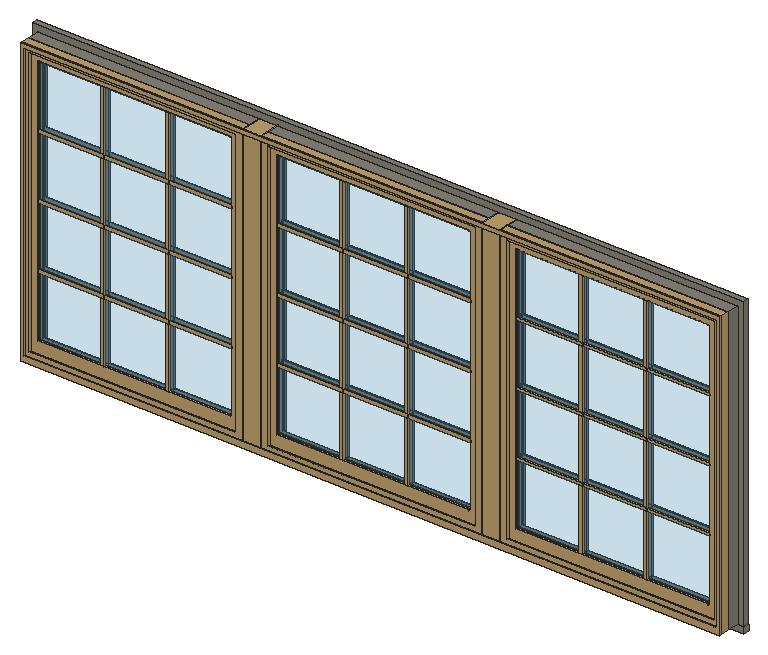
Revit family
Parameters (values of type "CUDHP-NG4862")
  Window Type = "Clad Ultimate Double Hung Picture Unit-NG"
  Void Offset_S = if(Subsill A217 Visibility, 0' 1 11/32", if(Subsill A246 Visibility, 0' 0 9/16", 0' 0"))  # 0' - 1 11/32"
  Void Offset = if(Flat Casing Visibility, 0' 3", if(BMC Visibility, 0' 1 5/16", 0' 0"))  # 0' - 1 5/16"
  Lites Wide = 3
  Lites High = 4
  Interior Material = Wood-Marvin-Pine
  Frame = "Aluminum Clad"
  Egress Window = "Yes"
  Disclaimer line1 [instance] = "Verify assembly availability"  # constant formula
  Disclaimer line2 [instance] = "with a Marvin representative"  # constant formula
  Unit Width = Nominal Unit Width + 0' 1 1/4"  # 4' - 1 1/4"
  URL = "www.marvin.com"
  Subsill Height = if(Subsill A217 Visibility, 0' 1 11/32", 0' 0 9/16")  # 0' - 1 11/32"
  Subsill A246 Visibility = and(Subsill Visibility, Subsill A246)  # no
  Subsill A217 Visibility = and(Subsill Visibility, Subsill A217)  # yes
  Space = if(Mull Space > 0' 0 1/32", Mull Space, 0' 0 1/32")  # 0' - 4"
  Prairie Corner Width = 0' - 4"
  Prairie Corner Height = 0' - 4"
  Nominal Unit Width = 4' - 0"
  Nominal Height = 5' - 2"
  Muntins Interior Finish = Wood-Marvin-Pine
  Muntins Exterior Finish = Aluminum-Marvin-Bronze
  Mulled Units Array = if(Mulled Units < 2, 2, Mulled Units)  # 3
  Mulled Units = 3
  Mull Space Units = if(Mulled Units < 3, 2, (Mulled Units - 1))  # 2
  Mull Space Single Visibility = and(Mulled Units Array = 2, Mull Space > 0' 0 1/32")  # no
  Mull Space Array Visibility = and(Mulled Units Array > 2, Mull Space > 0' 0 1/32")  # yes
  Mull Space = 0' - 4"
  Model = "CUDHP-NG4862"
  Manufacturer = "Marvin Windows and Doors"
  Lite Cut Prairie 9 = no
  Lite Cut HV Grid = not(Lite Cut Prairie 9)  # yes
  Label Visibility = no
  Glazing Material = Glass-Marvin-IG Low E II with Argon
  Glass Type = "IG Low E II with Argon"
  Flat Casing Visibility = and(Casing Visibility, Flat Casing)  # no
  Family created by = "www.rbuiltcomponents.com"
  Rough Width = Width + 0' 1"  # 13' - 0 3/4"
  Rough Height = Height + 0' 0 1/2"  # 5' - 4"
  Muntins Interior Visibility = yes
  Muntins Exterior Visibility = yes
  Jamb Extension Visibility = yes
  Inset to Installation Flange [instance] = 0' - 1"
  Height = Nominal Height + 0' 1 1/2"  # 5' - 3 1/2"
  Design Pressure = "DP50"
  Description = "4862 FIXED"
  Default Head Height = 8' - 0"
  Wall Closure = (empty or 0)
  Width = (Mulled Units Array * Unit Width) + ((Mulled Units Array - 1) * Mull Space)  # 12' - 11 3/4"
  Daylight Area = DLO Width * DLO Height * Mulled Units * 2  # 98.6924 SF
  DLO Width = Unit Width - 0' 6 1/2"  # 3' - 6 3/4"
  DLO Height = Height - 0' 8 3/32"  # 4' - 7 13/32"
  Cladding Material = Aluminum-Marvin-Bronze
  Center Mull Last = if(Mulled Units Array < 3, Unit Width + Mull Space, (Unit Width + Mull Space) * (Mulled Units Array - 2))  # 4' - 5 1/4"
  Center Mull First = Center + (Mull Space / 2)  # 2' - 2 5/8"
  Center = Unit Width / 2  # 2' - 0 5/8"
  BMC Visibility = and(Casing Visibility, BMC)  # yes
  Assembly Code = ""
  Casing Visibility = yes
  BMC = yes
  Flat Casing = not(BMC)  # no
  Subsill Visibility = yes
  Subsill A246 = no
  Subsill A217 = not(Subsill A246)  # yes
Reference planes (in)
  plane 1 "Center (Front/Back)": y = 0
  plane 2: z = 0
  plane 3 "Center (Left/Right)": x = -2.0625
  plane 4 "Sill": z = 32.5
  plane 5 "Top": z = 96
  plane 6: x = -55.3125
  plane 7: x = 51.1875
  plane 8 "Left": x = -79.9375
  plane 9 "Right": x = 75.8125
  plane 10 "Inset": y = 2
  plane 11 "Jamb Ext face": y = -2.5625
  plane 12: x = -28.6875
  plane 13: x = 24.5625
  plane 14: z = 92.78125
  plane 15: z = 37.34375
  plane 16: z = 65.0625
  plane 17 "Glazing 2": y = -0.625
  plane 18: y = -2.59375
  plane 19: x = 77.125
  plane 20: x = -81.25
  plane 21: z = 97.3125
  plane 22: z = 31.15625
  plane 23: y = -1.59375
Forms (in)
  Extrusion 1, solid, material "Wood-Marvin-Pine" <- "Interior Material", visible <- "Jamb Extension Visibility", detail levels medium+fine
    sketch origin (0, -2.5625, 0) x (1, 0, 0) y (0, 0, 1)
      loop
        line (-79.9375, 96) -> (-79.9375, 32.5) -> (75.8125, 32.5) -> (75.8125, 96) -> (-79.9375, 96)
      loop
        line (-79.25, 95.3125) -> (-79.25, 33.8125) -> (75.125, 33.8125) -> (75.125, 95.3125) -> (-79.25, 95.3125)
    from 0.03125 to 0.4375
  Extrusion 2, void
    sketch origin (0, 0, 0) x (1, 0, 0) y (0, 1, 0)
      loop
        line (-79.9375, 2) -> (-79.9375, -3) -> (75.8125, -3) -> (75.8125, 2) -> (-79.9375, 2)
    from 32.5 to 96
  Extrusion 3, void
    sketch origin (0, 0, 0) x (1, 0, 0) y (0, 1, 0)
      loop
        line (-81.25, 3.125) -> (-81.25, 2) -> (77.125, 2) -> (77.125, 3.125) -> (-81.25, 3.125)
    from 31.15625 to 97.3125
Lines and regions (in)
  Masking region 1, visible <- "Jamb Extension Visibility"
    outline origin (0, 0, 32.5) x (0, -1, 0) y (1, 0, 0)
      loop
        line (2.59375, -79.9375) -> (3, -79.9375) -> (3, 75.8125) -> (2.59375, 75.8125) -> (2.59375, -79.9375)
  Masking region 2
    outline origin (-2.0625, 0, 0) x (0, 1, 0) y (0, 0, 1)
      loop
        line (3.09375, 96) -> (-2.5625, 96) -> (-2.5625, 32.5) -> (3.09375, 32.5) -> (3.09375, 96)
  Masking region 3, visible <- "Jamb Extension Visibility"
    outline origin (-2.0625, 0, 0) x (0, 1, 0) y (0, 0, 1)
      loop
        line (-2.59375, 96) -> (-3, 96) -> (-3, 32.5) -> (-2.59375, 32.5) -> (-2.59375, 96)
  symbolic lines, style "WindowsFrameMullionProjection", detail levels coarse+medium
    curve 1: line (0, 3.09375, 96) -> (0, 3.09375, 94.40625)
    curve 2: line (0, 3.09375, 94.40625) -> (0, -2.5625, 94.40625)
    curve 3: line (0, -2.5625, 94.40625) -> (0, -2.5625, 96)
    curve 4: line (0, 3.09375, 32.5) -> (0, 3.09375, 33.0889)
    curve 5: line (0, 3.09375, 33.0889) -> (0, -1.3125, 34.1875)
    curve 6: line (0, -2.5625, 34.1875) -> (0, -2.5625, 32.5)
    curve 7: line (0, -1.3125, 34.1875) -> (0, -2.5625, 34.1875)
    curve 8: line (0, -0.28125, 37.34375) -> (0, -0.28125, 92.78125)
    curve 9: line (0, -2.03125, 37.34375) -> (0, -2.03125, 92.78125)
    curve 10: line (0, -0.28125, 33.93038) -> (0, -0.28125, 37.34375)
    curve 11: line (0, -0.28125, 37.34375) -> (0, -2.03125, 37.34375)
    curve 12: line (0, -2.03125, 37.34375) -> (0, -2.03125, 34.1875)
    curve 14: line (0, -0.28125, 66) -> (0, -0.28125, 92.78125)
    curve 15: line (0, -2.03125, 92.78125) -> (0, -2.03125, 66)
    curve 16: line (0, -0.28125, 94.40625) -> (0, -0.28125, 92.78125)
    curve 17: line (0, -2.03125, 92.78125) -> (0, -2.03125, 94.40625)
    curve 18: line (0, -2.03125, 92.78125) -> (0, -0.28125, 92.78125)
    curve 35: line (-2.0625, -3, 32.5) -> (-2.0625, 3.09375, 32.5)
    curve 36: line (-2.0625, -3, 96) -> (-2.0625, 3.09375, 96)
  symbolic lines, style "WindowsGlassProjection", detail levels coarse+medium
    curve 13: line (0, -1.15625, 92.78125) -> (0, -1.15625, 37.34375)
  symbolic lines, style "WindowsFrameMullionProjection", visible <- "Jamb Extension Visibility", detail levels coarse+medium
    curve 19: line (-2.0625, -2.59375, 33.8125) -> (-2.0625, -3, 33.8125)
    curve 20: line (-2.0625, -3, 33.8125) -> (-2.0625, -3, 32.5)
    curve 23: line (-2.0625, -2.59375, 95.3125) -> (-2.0625, -3, 95.3125)
    curve 24: line (-2.0625, -3, 95.3125) -> (-2.0625, -3, 96)
    curve 27: line (-79.95312, -3, 0) -> (-79.25, -3, 0)
    curve 28: line (-79.25, -3, 0) -> (-79.25, -2.59375, 0)
    curve 31: line (75.8125, -3, 0) -> (75.125, -3, 0)
    curve 32: line (75.125, -3, 0) -> (75.125, -2.59375, 0)
  symbolic lines, style "Jamb Extension", visible <- "Jamb Extension Visibility", detail levels fine
    curve 21: line (-2.0625, -2.59375, 33.8125) -> (-2.0625, -3, 33.8125)
    curve 22: line (-2.0625, -3, 33.8125) -> (-2.0625, -3, 32.5)
    curve 25: line (-2.0625, -2.59375, 95.3125) -> (-2.0625, -3, 95.3125)
    curve 26: line (-2.0625, -3, 95.3125) -> (-2.0625, -3, 96)
    curve 29: line (-79.95312, -3, 0) -> (-79.25, -3, 0)
    curve 30: line (-79.25, -3, 0) -> (-79.25, -2.59375, 0)
    curve 33: line (75.8125, -3, 0) -> (75.125, -3, 0)
    curve 34: line (75.125, -3, 0) -> (75.125, -2.59375, 0)
Text (in)
  text "EXTERIOR" at (-58.6888, 50.90694, 0), in view "Ref. Level"
  text "INTERIOR" at (-58.6888, -37.76638, 0), in view "Ref. Level"
  text "Exterior" at (0, 43.65631, 123.19604), in view "Left"
  text "Exterior" at (0, 18.29385, 125.04747), in view "Right"
Dimensions and locks (in)
  "Height": plane 4 "Sill" to plane 5 "Top"
  "Default Head Height": plane 2 to plane 5 "Top"
  "Width": plane 8 "Left" to plane 9 "Right"
  "Inset to Installation Flange": plane 10 "Inset" to host wall
  locked: plane 11 "Jamb Ext face" to plane 10 "Inset" at 4.5625
  nested 1 to host wall = 1' - 0"
  "Center": plane 8 "Left" to plane 6
  "Center": plane 7 to plane 9 "Right"
  "Center Mull First": plane 6 to plane 12
  "Center Mull Last": plane 12 to plane 13
  equal spacing: plane 8 "Left", plane 3 "Center (Left/Right)", plane 9 "Right"
  group 1 to group 2 = 4' - 5 1/4"
  group 1 to group 2 = 0' - 0"  (x2)
  locked: plane 14 to plane 5 "Top" at 3.21875
  locked: plane 4 "Sill" to plane 15 at 4.84375
  plane 15 to plane 14 = 4' - 7 7/16"
  equal spacing: plane 15, plane 16, plane 14
  locked: plane 17 "Glazing 2" to plane 10 "Inset" at 2.625
  locked: plane 5 "Top" to Extrusion 1 sketch curve at 0.6875
  locked: Extrusion 1 sketch curve to plane 9 "Right" at 0.6875
  locked: Extrusion 1 sketch curve to plane 8 "Left" at 0.6875
  locked: Extrusion 1 sketch curve to plane 4 "Sill" at 1.3125
  locked: plane 18 to plane 11 "Jamb Ext face" at 0.03125
  "Void Offset": plane 20 to plane 8 "Left"
  "Void Offset": plane 9 "Right" to plane 19
  "Void Offset": plane 5 "Top" to plane 21
  "Void Offset_S": plane 22 to plane 4 "Sill"
  locked: Extrusion 3 sketch curve to host wall at 0.125
  locked: plane 23 to plane 17 "Glazing 2" at 0.96875
  equal spacing: group 3, group 5, group 4  (x3)
  locked: curve 36 to plane 10 "Inset" at 1.09375
  locked: curve 35 to plane 10 "Inset" at 1.09375
  equal spacing: group 6, group 8, group 7  (x3)
  equal spacing: curve 10, curve 13, curve 12
  aligned and locked: plane 3 "Center (Left/Right)" to nested 1
  aligned and locked: plane 4 "Sill" to nested 2
  aligned and locked: plane 10 "Inset" to nested 2
  aligned and locked: plane 12 to nested 2
  aligned and locked: plane 10 "Inset" to nested 3
  aligned and locked: plane 12 to nested 3
  aligned and locked: plane 4 "Sill" to nested 3
  aligned and locked: plane 13 to nested 4
  aligned and locked: plane 10 "Inset" to nested 4
  aligned and locked: plane 4 "Sill" to nested 4
  aligned and locked: plane 8 "Left" to Masking region 1 sketch curve
  aligned and locked: plane 9 "Right" to Masking region 1 sketch curve
  aligned and locked: Masking region 1 sketch curve to host wall
  aligned and locked: nested 6 to plane 16
  aligned and locked: nested 6 to plane 6
  aligned and locked: plane 16 to nested 7
  aligned and locked: plane 6 to nested 7
  aligned and locked: nested 5 to plane 5 "Top"
  aligned and locked: curve 6 to plane 11 "Jamb Ext face"
  aligned and locked: plane 15 to curve 11
  aligned and locked: plane 11 "Jamb Ext face" to curve 3
  aligned and locked: curve 18 to plane 14
  aligned and locked: plane 5 "Top" to Masking region 2 sketch curve
  aligned and locked: Masking region 2 sketch curve to plane 4 "Sill"
  aligned and locked: Masking region 2 sketch curve to plane 11 "Jamb Ext face"
  aligned and locked: plane 5 "Top" to Extrusion 1 sketch curve
  aligned and locked: plane 8 "Left" to Extrusion 1 sketch curve
  aligned and locked: Extrusion 1 sketch curve to plane 4 "Sill"
  aligned and locked: plane 9 "Right" to Extrusion 1 sketch curve
  aligned and locked: host wall to Extrusion 1
  aligned and locked: plane 5 "Top" to Masking region 3 sketch curve
  aligned and locked: Masking region 3 sketch curve to plane 4 "Sill"
  aligned and locked: plane 18 to Masking region 3 sketch curve
  aligned and locked: Masking region 3 sketch curve to host wall
  aligned and locked: curve 19 to Extrusion 1
  aligned and locked: Extrusion 1 to curve 19
  aligned and locked: curve 21 to Extrusion 1
  aligned and locked: host wall to curve 22
  aligned and locked: Extrusion 1 to curve 25
  aligned and locked: curve 25 to Extrusion 1
  aligned and locked: Extrusion 1 to curve 28
  aligned and locked: Extrusion 1 to curve 30
  aligned and locked: curve 28 to Extrusion 1
  aligned and locked: Extrusion 1 to curve 32
  aligned and locked: Extrusion 1 to curve 34
  aligned and locked: curve 32 to Extrusion 1
  aligned and locked: Extrusion 1 to plane 18
  aligned and locked: plane 18 to Masking region 1 sketch curve
  aligned and locked: plane 3 "Center (Left/Right)" to nested 8
  aligned and locked: nested 8 to plane 10 "Inset"
  aligned and locked: nested 8 to plane 4 "Sill"
  aligned and locked: plane 8 "Left" to Extrusion 2 sketch curve
  aligned and locked: plane 9 "Right" to Extrusion 2 sketch curve
  aligned and locked: plane 10 "Inset" to Extrusion 2 sketch curve
  aligned and locked: Extrusion 2 sketch curve to host wall
  aligned and locked: Extrusion 2 to plane 5 "Top"
  aligned and locked: plane 4 "Sill" to Extrusion 2
  aligned and locked: plane 20 to Extrusion 3 sketch curve
  aligned and locked: Extrusion 3 sketch curve to plane 19
  aligned and locked: Extrusion 3 sketch curve to plane 10 "Inset"
  aligned and locked: Extrusion 3 to plane 21
  aligned and locked: Extrusion 3 to plane 22
  aligned and locked: Masking region 2 sketch curve to nested 5
  aligned and locked: curve 17 to nested 5
  aligned and locked: curve 16 to nested 5
  aligned and locked: curve 1 to nested 5
  aligned and locked: curve 7 to nested 5
  aligned and locked: curve 5 to nested 5
  aligned and locked: curve 4 to nested 5
  aligned and locked: plane 17 "Glazing 2" to nested 6
  aligned and locked: plane 23 to nested 7
  aligned and locked: plane 17 "Glazing 2" to nested 9
  aligned and locked: plane 23 to nested 10
  aligned and locked: plane 7 to nested 9
  aligned and locked: nested 9 to plane 16
  aligned and locked: nested 10 to plane 7
  aligned and locked: plane 16 to nested 10
  aligned and locked: curve 35 to nested 2
  aligned and locked: nested 5 to plane 10 "Inset"
  aligned and locked: plane 5 "Top" to curve 36
  aligned and locked: curve 2 to nested 5
  aligned and locked: plane 6 to nested 13
  aligned and locked: plane 5 "Top" to nested 13
  aligned and locked: plane 5 "Top" to nested 14
  aligned and locked: nested 14 to plane 7
  aligned and locked: curve 10 to nested 5
Automatic sketch dimensions
  curve 29 to plane 8 "Left" = 0' - 0 1/64"
  curve 30 to host wall = 0' - 0"
  curve 31 to host wall = 0' - 0"
  curve 31 to plane 9 "Right" = 0' - 0"
  curve 4 to plane 4 "Sill" = 0' - 0"
  curve 6 to plane 4 "Sill" = 0' - 0"
  curve 1 to plane 5 "Top" = 0' - 0"
  curve 3 to plane 5 "Top" = 0' - 0"
  curve 24 to host wall = 0' - 0"
  curve 21 to plane 18 = 0' - 0"
  curve 13 to curve 9 = 0' - 0"
  plane 16 to curve 15 = 0' - 0 15/16"
  plane 16 to curve 14 = 0' - 0 15/16"
Nested families (in)
  nested 1: "Label Annotation 1-16 w3" at (-2.0625, 15, 0), visible <- "Label Visibility", type "Label Annotation 1-16 w3"
  nested 2: "Mull Space" at (-28.6875, 2, 0), visible <- "Mull Space Single Visibility", type "Mull Space"
    with Height 5' - 3 1/2"
  nested 3: "Mull Space" at (-28.6875, 2, 0), visible <- "Mull Space Array Visibility", type "Mull Space"
    with Height 5' - 3 1/2"
  nested 4: "Mull Space" at (24.5625, 2, 0), visible <- "Mull Space Array Visibility", type "Mull Space"
    with Height 5' - 3 1/2"
  nested 5: "Double_Hung_Section_Detail" at (-2.0625, 2, 64.25) x (0, 1, 0) z (1, 0, 0), type "Double_Hung_Section_Detail", detail levels fine
  nested 6: "Muntins" at (-55.3125, -0.625, 1.35937), Muntin Material <- "Muntins Exterior Finish", visible <- "Muntins Exterior Visibility", type "Muntins 2"
    with MuntinDepth 0' - 0 5/16", Muntin Material Aluminum-Marvin-Bronze, GlazingWidth 3' - 6 3/4", GlazingHeight 4' - 7 13/32", Width 3' - 7 3/16", LitesVertical 4, HorizontalMuntins 3, Height 4' - 7 27/32", Inset Vert 1' - 2.02083", Inset Horiz 1' - 1 75/128"
  nested 7: "Muntins" at (-55.3125, -1.59375, 1.35937), visible <- "Muntins Interior Visibility", Muntin Material <- "Muntins Interior Finish", type "Muntins 2"
    with MuntinDepth 0' - 0 5/16", Muntin Material Wood-Marvin-Pine, GlazingWidth 3' - 6 3/4", GlazingHeight 4' - 7 13/32", Width 3' - 7 3/16", LitesVertical 4, HorizontalMuntins 3, Height 4' - 7 27/32", Inset Vert 1' - 2.02083", Inset Horiz 1' - 1 75/128"
  nested 8: "Casing_Clad" at (-2.0625, 2, 32.5), type "Casing_Clad"
    with Width 12' - 11 3/4", Height 5' - 3 1/2"
  nested 9: "Muntins" at (51.1875, -0.625, 1.35937), Muntin Material <- "Muntins Exterior Finish", visible <- "Muntins Exterior Visibility", type "Muntins 2"
    with MuntinDepth 0' - 0 5/16", Muntin Material Aluminum-Marvin-Bronze, GlazingWidth 3' - 6 3/4", GlazingHeight 4' - 7 13/32", Width 3' - 7 3/16", LitesVertical 4, HorizontalMuntins 3, Height 4' - 7 27/32", Inset Vert 1' - 2.02083", Inset Horiz 1' - 1 75/128"
  nested 10: "Muntins" at (51.1875, -1.59375, 1.35937), visible <- "Muntins Interior Visibility", Muntin Material <- "Muntins Interior Finish", type "Muntins 2"
    with MuntinDepth 0' - 0 5/16", Muntin Material Wood-Marvin-Pine, GlazingWidth 3' - 6 3/4", GlazingHeight 4' - 7 13/32", Width 3' - 7 3/16", LitesVertical 4, HorizontalMuntins 3, Height 4' - 7 27/32", Inset Vert 1' - 2.02083", Inset Horiz 1' - 1 75/128"
  nested 11: "Muntins" at (-2.0625, -0.625, 1.35937), Muntin Material <- "Muntins Exterior Finish", visible <- "Muntins Exterior Visibility", type "Muntins 2"
    with MuntinDepth 0' - 0 5/16", Muntin Material Aluminum-Marvin-Bronze, GlazingWidth 3' - 6 3/4", GlazingHeight 4' - 7 13/32", Width 3' - 7 3/16", LitesVertical 4, HorizontalMuntins 3, Height 4' - 7 27/32", Inset Vert 1' - 2.02083", Inset Horiz 1' - 1 75/128"
  nested 12: "Muntins" at (-2.0625, -1.59375, 1.35937), visible <- "Muntins Interior Visibility", Muntin Material <- "Muntins Interior Finish", type "Muntins 2"
    with MuntinDepth 0' - 0 5/16", Muntin Material Wood-Marvin-Pine, GlazingWidth 3' - 6 3/4", GlazingHeight 4' - 7 13/32", Width 3' - 7 3/16", LitesVertical 4, HorizontalMuntins 3, Height 4' - 7 27/32", Inset Vert 1' - 2.02083", Inset Horiz 1' - 1 75/128"
  nested 13: "Double_Hung-Marvin-Picture_Unit-Clad_Ultimate_NG" at (-55.3125, 0, 0), Inset to Installation Flange <- "Inset to Installation Flange", type "CUDHP-NG4862"
    with Inset to Installation Flange 0' - 1"
  nested 14: "Double_Hung-Marvin-Picture_Unit-Clad_Ultimate_NG" at (51.1875, 0, 0), Inset to Installation Flange <- "Inset to Installation Flange", type "CUDHP-NG4862"
    with Inset to Installation Flange 0' - 1"
  nested 15: "Double_Hung-Marvin-Picture_Unit-Clad_Ultimate_NG" at (-2.0625, 0, 0), Inset to Installation Flange <- "Inset to Installation Flange", type "CUDHP-NG4862"
    with Inset to Installation Flange 0' - 1"
Definition of nested family "Mull Space"
  Parameters (values of type "Mull Space")
    Mull Space = 0' - 4"
    Interior Finish = Wood-Marvin-Pine
    Height = 5' - 4 3/8"
    Cladding Finish = Aluminum-Marvin-Bronze
    Assembly Code = ""
  Reference planes (in)
    plane 1 "Center (Front/Back)": y = 0
    plane 2: z = 0
    plane 3 "Center (Left/Right)": x = 0
    plane 4: y = -4.5625
    plane 5: y = 1.09375
    plane 6: x = 2
    plane 7: x = -2
    plane 8: z = 96
    plane 9 "Sill": z = 31.625
  Forms (in)
    Extrusion 1, solid, material "Wood-Marvin-Pine" <- "Interior Finish"
      sketch origin (0, 0, 0) x (1, 0, 0) y (0, 1, 0)
        loop
          line (-2, 1.09375) -> (-2, -4.5625) -> (2, -4.5625) -> (2, 1.09375) -> (-2, 1.09375)
      from 31.625 to 96
  Lines and regions (in)
    Masking region 1
      outline origin (0, 0, 31.625) x (1, 0, 0) y (0, 1, 0)
        loop
          line (-2, 1.09375) -> (-2, -4.5625) -> (2, -4.5625) -> (2, 1.09375) -> (-2, 1.09375)
    Split face 1
      outline origin (0, 0, 96) x (1, 0, 0) y (0, 1, 0)
        loop
          line (2, 0) -> (-2, 0)
    Split face 2
      outline origin (0, 0, 31.625) x (1, 0, 0) y (0, 1, 0)
        loop
          line (2, 0) -> (-2, 0)
    symbolic lines, style "WindowsFrameMullionProjection", detail levels coarse+medium
      curve 1: line (-2, 1.09375, 31.625) -> (2, 1.09375, 31.625)
      curve 2: line (-2, -4.5625, 31.625) -> (2, -4.5625, 31.625)
  Dimensions and locks (in)
    locked: plane 4 to plane 1 "Center (Front/Back)" at 4.5625
    locked: plane 1 "Center (Front/Back)" to plane 5 at 1.09375
    equal spacing: plane 7, plane 3 "Center (Left/Right)", plane 6
    "Mull Space": plane 7 to plane 6
    "Height": plane 9 "Sill" to plane 8
    aligned and locked: plane 5 to Extrusion 1 sketch curve
    aligned and locked: Extrusion 1 sketch curve to plane 4
    aligned and locked: Extrusion 1 sketch curve to plane 6
    aligned and locked: plane 7 to Extrusion 1 sketch curve
    aligned and locked: plane 8 to Extrusion 1
    aligned and locked: plane 7 to Masking region 1 sketch curve
    aligned and locked: Masking region 1 sketch curve to plane 6
    aligned and locked: plane 5 to Masking region 1 sketch curve
    aligned and locked: Masking region 1 sketch curve to plane 4
    aligned and locked: Split face 1 sketch curve to plane 1 "Center (Front/Back)"
    aligned and locked: Split face 2 sketch curve to plane 1 "Center (Front/Back)"
    aligned and locked: Extrusion 1 to plane 9 "Sill"
  Automatic sketch dimensions
    Split face 1 sketch curve to Extrusion 1 = 0' - 0"  (x2)
    Split face 2 sketch curve to Extrusion 1 = 0' - 0"  (x2)
    curve 2 to plane 4 = 0' - 0"
    curve 2 to plane 7 = 0' - 0"
    curve 1 to plane 5 = 0' - 0"
    curve 1 to plane 7 = 0' - 0"
    curve 2 to plane 6 = 0' - 0"
    curve 1 to plane 6 = 0' - 0"
Definition of nested family "Muntins"
  Parameters (values of type "Muntins")
    PrairieMuntVisible = no
    Prairie Corner Width = 0' - 4"
    Prairie Corner Height = 0' - 4"
    Muntin Extension = 0' - 0 7/16"
    GridMuntVisible = yes
    GlazingWidth = 2' - 0"
    GlazingHeight = 2' - 11 1/8"
    Width = GlazingWidth + Muntin Extension  # 2' - 0 7/16"
    VerticalMuntins = if(LitesHorizontal < 3, 2, LitesHorizontal - 1)  # 2
    VertMuntVisible = and(GridMuntVisible, LitesHorizontal > 2)  # yes
    MuntinWidth = 0' - 0 3/4"
    MuntinDepth [instance] = 0' - 0 3/8"
    Muntin Material [instance] = none
    LitesVertical = 3
    LitesHorizontal = 3
    HorizontalMuntins = if(LitesVertical < 3, 2, LitesVertical - 1)  # 2
    HorizMuntVisible = and(GridMuntVisible, LitesVertical > 2)  # yes
    Height = GlazingHeight + Muntin Extension  # 2' - 11 9/16"
    Inset Vert = if(LitesHorizontal < 3, (Width / 3) - (MuntinWidth / 2), (Width / LitesHorizontal) - (MuntinWidth / 2))  # 0' - 7.77083"
    Inset Horiz = if(LitesVertical < 3, (Height / 3) - (MuntinWidth / 2), (Height / LitesVertical) - (MuntinWidth / 2))  # 0' - 11.47917"
    CenterMuntinVertical = and(GridMuntVisible, LitesHorizontal = 2)  # no
    CenterMuntinHorizontal = and(GridMuntVisible, LitesVertical = 2)  # no
    Assembly Code = ""
  Reference planes (in)
    plane 1 "Center (Front/Back)": y = 0
    plane 2: z = 0
    plane 3 "Center (Left/Right)": x = 0
    plane 4: z = 35.78125
    plane 5: z = 53.5625
    plane 6: z = 71.34375
    plane 7: z = 59.86458
    plane 8: z = 47.26042
    plane 9: z = 71.125
    plane 10: z = 36
    plane 11: x = -12
    plane 12: x = 12
    plane 13: x = -4.44792
    plane 14: x = -12.21875
    plane 15: x = 12.21875
    plane 16: x = 4.44792
    plane 17: z = 67.125
    plane 18: z = 40
    plane 19: x = -8
    plane 20: x = 8
  Forms (in)
    Extrusion 1, solid, material <- "Muntin Material", visible <- "CenterMuntinVertical", detail levels medium+fine
      sketch origin (9, 0, 0) x (1, 0, 0) y (0, 0, 1)
        loop
          line (-9.375, 71.34375) -> (-9.375, 35.78125) -> (-8.625, 35.78125) -> (-8.625, 71.34375) -> (-9.375, 71.34375)
      from 0 to 0.375 <- "MuntinDepth"
    Extrusion 2, solid, material <- "Muntin Material", visible <- "CenterMuntinHorizontal", detail levels medium+fine
      sketch origin (-0.0013, 0, 14.6875) x (1, 0, 0) y (0, 0, 1)
        loop
          line (-12.21745, 39.25) -> (-12.21745, 38.5) -> (12.22005, 38.5) -> (12.22005, 39.25) -> (-12.21745, 39.25)
      from 0 to 0.375 <- "MuntinDepth"
    Extrusion 3, solid, material <- "Muntin Material", visible <- "VertMuntVisible", detail levels medium+fine
      sketch origin (4.92708, 0, -2.90625) x (1, 0, 0) y (0, 0, 1)
        loop
          line (-9.375, 74.25) -> (-9.375, 38.6875) -> (-8.625, 38.6875) -> (-8.625, 74.25) -> (-9.375, 74.25)
      from 0 to 0.375 <- "MuntinDepth"
    Extrusion 4, solid, material <- "Muntin Material", visible <- "HorizMuntVisible", detail levels medium+fine
      sketch origin (-3.09635, 0, 14.17708) x (1, 0, 0) y (0, 0, 1)
        loop
          line (-9.1224, 45.6875) -> (-9.1224, 44.9375) -> (15.3151, 44.9375) -> (15.3151, 45.6875) -> (-9.1224, 45.6875)
      from 0 to 0.375 <- "MuntinDepth"
    Extrusion 5, solid, material <- "Muntin Material", visible <- "HorizMuntVisible", detail levels medium+fine
      sketch origin (-3.09635, 0, 2.32292) x (1, 0, 0) y (0, 0, 1)
        loop
          line (-9.1224, 45.6875) -> (-9.1224, 44.9375) -> (15.3151, 44.9375) -> (15.3151, 45.6875) -> (-9.1224, 45.6875)
      from 0 to 0.375 <- "MuntinDepth"
    Extrusion 6, solid, material <- "Muntin Material", visible <- "VertMuntVisible", detail levels medium+fine
      sketch origin (13.07292, 0, -2.90625) x (1, 0, 0) y (0, 0, 1)
        loop
          line (-9.375, 74.25) -> (-9.375, 38.6875) -> (-8.625, 38.6875) -> (-8.625, 74.25) -> (-9.375, 74.25)
      from 0 to 0.375 <- "MuntinDepth"
    Extrusion 7, solid, material <- "Muntin Material", visible <- "PrairieMuntVisible", detail levels medium+fine
      sketch origin (1, 0, 0) x (1, 0, 0) y (0, 0, 1)
        loop
          line (-9, 71.34375) -> (-9, 35.78125) -> (-8.25, 35.78125) -> (-8.25, 71.34375) -> (-9, 71.34375)
      from 0 to 0.375 <- "MuntinDepth"
    Extrusion 8, solid, material <- "Muntin Material", visible <- "PrairieMuntVisible", detail levels medium+fine
      sketch origin (17, 0, 0) x (1, 0, 0) y (0, 0, 1)
        loop
          line (-9.75, 71.34375) -> (-9.75, 35.78125) -> (-9, 35.78125) -> (-9, 71.34375) -> (-9.75, 71.34375)
      from 0 to 0.375 <- "MuntinDepth"
    Extrusion 9, solid, material <- "Muntin Material", visible <- "PrairieMuntVisible", detail levels medium+fine
      sketch origin (-0.0013, 0, 28.25) x (1, 0, 0) y (0, 0, 1)
        loop
          line (-12.21745, 38.875) -> (-12.21745, 38.125) -> (12.22005, 38.125) -> (12.22005, 38.875) -> (-12.21745, 38.875)
      from 0 to 0.375 <- "MuntinDepth"
    Extrusion 10, solid, material <- "Muntin Material", visible <- "PrairieMuntVisible", detail levels medium+fine
      sketch origin (-0.0013, 0, 1.125) x (1, 0, 0) y (0, 0, 1)
        loop
          line (-12.21745, 39.625) -> (-12.21745, 38.875) -> (12.22005, 38.875) -> (12.22005, 39.625) -> (-12.21745, 39.625)
      from 0 to 0.375 <- "MuntinDepth"
  Cuts and joins
    joined: Extrusion 7, Extrusion 8, Extrusion 9, Extrusion 10
  Lines and regions (in)
    model lines, style "Muntins", visible <- "CenterMuntinHorizontal", detail levels coarse
      curve 1: line (-12.21875, 0, 53.5625) -> (12.21875, 0, 53.5625)
    model lines, style "Muntins", visible <- "HorizMuntVisible", detail levels coarse
      curve 2: line (-12.21875, 0, 59.48958) -> (12.21875, 0, 59.48958)
      curve 3: line (-12.21875, 0, 47.63542) -> (12.21875, 0, 47.63542)
    model lines, style "Muntins", visible <- "CenterMuntinVertical", detail levels coarse
      curve 4: line (0, 0, 71.34375) -> (0, 0, 35.78125)
    model lines, style "Muntins", visible <- "VertMuntVisible", detail levels coarse
      curve 5: line (-4.07292, 0, 71.34375) -> (-4.07292, 0, 35.78125)
      curve 6: line (4.07292, 0, 71.34375) -> (4.07292, 0, 35.78125)
    model lines, style "Muntins", visible <- "PrairieMuntVisible", detail levels coarse
      curve 7: line (-12.21875, 0, 66.75) -> (12.21875, 0, 66.75)
      curve 8: line (-12.21875, 0, 40.375) -> (12.21875, 0, 40.375)
      curve 9: line (-7.625, 0, 35.78125) -> (-7.625, 0, 71.34375)
      curve 10: line (7.625, 0, 35.78125) -> (7.625, 0, 71.34375)
  Dimensions and locks (in)
    "Inset Horiz": plane 6 to plane 7
    "Inset Horiz": plane 8 to plane 4
    equal spacing: plane 6, plane 5, plane 4
    "Height": plane 6 to plane 4
    "GlazingHeight": plane 9 to plane 10
    equal spacing: plane 9, plane 5, plane 10
    "GlazingWidth": plane 12 to plane 11
    equal spacing: plane 12, plane 3 "Center (Left/Right)", plane 11
    "MuntinWidth": Extrusion 1 sketch curve to Extrusion 1 sketch curve
    "Height": Extrusion 1 sketch curve to Extrusion 1 sketch curve
    "MuntinWidth": Extrusion 2 sketch curve to Extrusion 2 sketch curve
    "Width": Extrusion 2 sketch curve to Extrusion 2 sketch curve
    "MuntinWidth": Extrusion 3 sketch curve to Extrusion 3 sketch curve
    "Height": Extrusion 3 sketch curve to Extrusion 3 sketch curve
    "Width": plane 15 to plane 14
    equal spacing: plane 15, plane 3 "Center (Left/Right)", plane 14
    "Inset Vert": plane 13 to plane 14
    "Inset Vert": plane 15 to plane 16
    "MuntinWidth": Extrusion 4 sketch curve to Extrusion 4 sketch curve
    "Width": Extrusion 4 sketch curve to Extrusion 4 sketch curve
    "MuntinWidth": Extrusion 5 sketch curve to Extrusion 5 sketch curve
    "Width": Extrusion 5 sketch curve to Extrusion 5 sketch curve
    group 2 to group 3 = 0' - 0"  (x2)
    group 3 to group 2 = 0' - 11.85417"
    "MuntinWidth": Extrusion 6 sketch curve to Extrusion 6 sketch curve
    "Height": Extrusion 6 sketch curve to Extrusion 6 sketch curve
    group 4 to group 5 = 0' - 8.14583"
    group 4 to group 5 = 0' - 0"  (x2)
    "Prairie Corner Width": plane 19 to plane 11
    "Prairie Corner Width": plane 20 to plane 12
    "Prairie Corner Height": plane 9 to plane 17
    "Prairie Corner Height": plane 18 to plane 10
    "MuntinWidth": Extrusion 7 sketch curve to Extrusion 7 sketch curve
    "Height": Extrusion 7 sketch curve to Extrusion 7 sketch curve
    "MuntinWidth": Extrusion 8 sketch curve to Extrusion 8 sketch curve
    "Height": Extrusion 8 sketch curve to Extrusion 8 sketch curve
    "MuntinWidth": Extrusion 9 sketch curve to Extrusion 9 sketch curve
    "Width": Extrusion 9 sketch curve to Extrusion 9 sketch curve
    "MuntinWidth": Extrusion 10 sketch curve to Extrusion 10 sketch curve
    "Width": Extrusion 10 sketch curve to Extrusion 10 sketch curve
    aligned and locked: plane 6 to Extrusion 1  (x2)
    aligned and locked: Extrusion 1 to plane 4  (x3)
    aligned and locked: Extrusion 3 to plane 13  (x5)
    aligned and locked: Extrusion 3 to plane 4  (x3)
    aligned and locked: Extrusion 2 to plane 14
    aligned and locked: plane 15 to Extrusion 2
    aligned and locked: plane 6 to Extrusion 3
    aligned and locked: plane 7 to Extrusion 4
    aligned and locked: Extrusion 4 to plane 14
    aligned and locked: plane 15 to Extrusion 4
    aligned and locked: curve 1 to plane 5
    aligned and locked: plane 14 to curve 1
    aligned and locked: plane 15 to curve 1
    aligned and locked: Extrusion 5 to plane 14
    aligned and locked: Extrusion 5 to plane 8
    aligned and locked: plane 15 to Extrusion 5
    aligned and locked: Extrusion 5 to curve 3  (x2)
    aligned and locked: Extrusion 4 to curve 2  (x2)
    aligned and locked: curve 4 to plane 3 "Center (Left/Right)"
    aligned and locked: Extrusion 1 to curve 4  (x2)
    aligned and locked: Extrusion 3 to curve 5  (x2)
    aligned and locked: Extrusion 6 to curve 6  (x2)
    aligned and locked: Extrusion 6 to plane 16
    aligned and locked: plane 6 to Extrusion 6
    aligned and locked: plane 6 to curve 6
    aligned and locked: Extrusion 6 to plane 4
    aligned and locked: plane 4 to curve 6
    aligned and locked: cut or joined group of Extrusion 7, Extrusion 8, Extrusion 9, Extrusion 10 to plane 19
    aligned and locked: plane 20 to cut or joined group of Extrusion 7, Extrusion 8, Extrusion 9, Extrusion 10
    aligned and locked: plane 17 to cut or joined group of Extrusion 7, Extrusion 8, Extrusion 9, Extrusion 10
    aligned and locked: cut or joined group of Extrusion 7, Extrusion 8, Extrusion 9, Extrusion 10 to plane 18
    aligned and locked: cut or joined group of Extrusion 7, Extrusion 8, Extrusion 9, Extrusion 10 to curve 7  (x2)
    aligned and locked: cut or joined group of Extrusion 7, Extrusion 8, Extrusion 9, Extrusion 10 to curve 8  (x2)
    aligned and locked: cut or joined group of Extrusion 7, Extrusion 8, Extrusion 9, Extrusion 10 to curve 9  (x2)
    aligned and locked: cut or joined group of Extrusion 7, Extrusion 8, Extrusion 9, Extrusion 10 to curve 10  (x2)
  Automatic sketch dimensions
    Extrusion 1 sketch curve to plane 4 = 0' - 0"
    Extrusion 1 sketch curve to plane 3 "Center (Left/Right)" = 0' - 0 3/8"
    Extrusion 2 sketch curve to plane 14 = 0' - 0"
    Extrusion 2 sketch curve to plane 5 = 0' - 0 3/8"
    Extrusion 7 sketch curve to plane 4 = 0' - 0"
    Extrusion 7 sketch curve to plane 19 = 0' - 0"
    Extrusion 8 sketch curve to plane 4 = 0' - 0"
    Extrusion 8 sketch curve to plane 20 = 0' - 0 3/4"
    Extrusion 9 sketch curve to plane 14 = 0' - 0"
    Extrusion 9 sketch curve to plane 17 = 0' - 0 3/4"
    Extrusion 10 sketch curve to plane 14 = 0' - 0"
    Extrusion 10 sketch curve to plane 18 = 0' - 0"
    plane 19 to curve 9 = 0' - 0 3/8"
    curve 10 to plane 20 = 0' - 0 3/8"
    plane 18 to curve 8 = 0' - 0 3/8"
    curve 7 to plane 17 = 0' - 0 3/8"
Definition of nested family "Casing_Clad"
  Parameters (values of type "Casing_Clad")
    Width = 50' - 0"
    Subsill Visibility = yes
    Subsill Offset = if(Flat Casing Visibility, 0' 3", if(BMC Visibility, 0' 1 5/16", 0' 0"))  # 0' - 1 5/16"
    Subsill Height = 0' - 1 11/32"
    Height = 12' - 0"
    Flat Casing Visibility = no
    Cladding Finish = Aluminum-Marvin-Bronze
    Casing Offset = if(BMC Visibility, 0' 0 3/16", 0' 0")  # 0' - 0 3/16"
    BMC Visibility = yes
    Assembly Code = ""
  Reference planes (in)
    plane 1 "Center (Front/Back)": y = 0
    plane 2: z = 0
    plane 3 "Center (Left/Right)": x = 0
    plane 4: z = 144
    plane 5: x = -300
    plane 6: x = 300
    plane 7 "Subsill": z = -1.34375
    plane 8 "Offset S": z = -0.1875
  Forms (in)
    Sweep 1, solid, material "Aluminum-Marvin-Bronze" <- "Cladding Finish", visible <- "BMC Visibility"
      path origin (0, 0, 0) x (1, 0, 0) y (0, 0, 1)
        loop
          line (-300, -0.1875) -> (-300, 144) -> (300, 144) -> (300, -0.1875)
      profile "BMC_Clad : BMC_Clad" origin (300, 0, 71.90625) x (1, 0, 0) y (0, -1, 0)
        loop
          line (0.71589, -1.25) -> (1.3125, -1.25) -> (1.3125, 0) -> (0, 0) -> (0, -1.09375) -> (0.38081, -1.09375) -> (0.71589, -1.25)
    Sweep 2, solid, material "Aluminum-Marvin-Bronze" <- "Cladding Finish", visible <- "Flat Casing Visibility"
      path origin (0, 0, 0) x (1, 0, 0) y (0, 0, 1)
        loop
          line (-300, 0) -> (-300, 144) -> (300, 144) -> (300, 0)
      profile "Flat_Casing_Clad : Flat_Casing_Clad" origin (300, 0, 72) x (1, 0, 0) y (0, -1, 0)
        loop
          line (3, -1.09375) -> (3, 0) -> (0, 0) -> (0, -1.09375) -> (3, -1.09375)
    Sweep 3, solid, material "Aluminum-Marvin-Bronze" <- "Cladding Finish", visible <- "Subsill Visibility"
      path origin (0, 0, 0) x (1, 0, 0) y (0, 0, 1)
        loop
          line (-301.3125, 0) -> (301.3125, 0)
      profile origin (0, 0, 0) x (0, 0, 1) y (0, -1, 0)
        loop
          line (0, 0) -> (-1.34375, 0) -> (-1.34375, -1.34375) -> (-0.1875, -1.34375) -> (-0.15265, -1.09401) -> (0, -1.09401) -> (0, 0)
  Lines and regions (in)
    Masking region 1, visible <- "Flat Casing Visibility"
      outline origin (0, 0, 0) x (1, 0, 0) y (0, 1, 0)
        loop
          line (-300, 0) -> (-300, 1.09375) -> (-303, 1.09375) -> (-303, 0) -> (-300, 0)
    Masking region 2, visible <- "Flat Casing Visibility"
      outline origin (0, 0, 0) x (0, 1, 0) y (-1, 0, 0)
        loop
          line (0, -300) -> (0, -303) -> (1.09375, -303) -> (1.09375, -300) -> (0, -300)
    Masking region 3, visible <- "BMC Visibility"
      outline origin (0, 0, 0) x (1, 0, 0) y (0, 1, 0)
        loop
          line (300, 1.09375) -> (300, 0) -> (301.3125, 0) -> (301.3125, 1.25) -> (300.71589, 1.25) -> (300.38081, 1.09375) -> (300, 1.09375)
    Masking region 4, visible <- "BMC Visibility"
      outline origin (0, 0, 0) x (0, 1, 0) y (-1, 0, 0)
        loop
          line (1.09375, 300) -> (1.09375, 300.38081) -> (1.25, 300.71589) -> (1.25, 301.3125) -> (0, 301.3125) -> (0, 300) -> (1.09375, 300)
    Masking region 5, visible <- "Flat Casing Visibility"
      outline origin (0, 0, 0) x (0, 1, 0) y (0, 0, 1)
        loop
          line (1.09375, 147) -> (0, 147) -> (0, 144) -> (1.09375, 144) -> (1.09375, 147)
    Masking region 6, visible <- "BMC Visibility"
      outline origin (0, 0, 0) x (0, 1, 0) y (0, 0, 1)
        loop
          line (1.25, 145.3125) -> (0, 145.3125) -> (0, 144) -> (1.09375, 144) -> (1.09375, 144.38081) -> (1.25, 144.71589) -> (1.25, 145.3125)
    Masking region 7, visible <- "Subsill Visibility"
      outline origin (0, 0, 0) x (0, 1, 0) y (0, 0, 1)
        loop
          line (1.34375, -0.1875) -> (1.09401, -0.15265) -> (1.09401, 0) -> (0, 0) -> (0, -1.34375) -> (1.34375, -1.34375) -> (1.34375, -0.1875)
    symbolic lines, style "Frame/Mullion", visible <- "BMC Visibility", detail levels coarse+medium
      curve 1: line (-300.71589, 1.25, 0) -> (-301.3125, 1.25, 0)
      curve 2: line (-300.38081, 1.09375, 0) -> (-300.71589, 1.25, 0)
      curve 3: line (-300, 1.09375, 0) -> (-300.38081, 1.09375, 0)
      curve 4: line (-301.3125, 1.25, 0) -> (-301.3125, 0, 0)
      curve 9: line (301.3125, 0, 0) -> (301.3125, 1.25, 0)
      curve 10: line (301.3125, 1.25, 0) -> (300.71589, 1.25, 0)
      curve 11: line (300.71589, 1.25, 0) -> (300.38081, 1.09375, 0)
      curve 12: line (300.38081, 1.09375, 0) -> (300, 1.09375, 0)
      curve 19: line (0, 1.25, 145.3125) -> (0, 0, 145.3125)
      curve 20: line (0, 1.25, 144.71589) -> (0, 1.25, 145.3125)
      curve 21: line (0, 1.09375, 144.38081) -> (0, 1.25, 144.71589)
      curve 22: line (0, 1.09375, 144) -> (0, 1.09375, 144.38081)
    symbolic lines, style "Frame/Mullion", visible <- "Flat Casing Visibility", detail levels coarse+medium
      curve 5: line (-303, 1.09375, 0) -> (-303, 0, 0)
      curve 6: line (-300, 1.09375, 0) -> (-303, 1.09375, 0)
      curve 7: line (303, 0, 0) -> (303, 1.09375, 0)
      curve 8: line (303, 1.09375, 0) -> (300, 1.09375, 0)
      curve 17: line (0, 1.09375, 147) -> (0, 0, 147)
      curve 18: line (0, 1.09375, 144) -> (0, 1.09375, 147)
    symbolic lines, style "Frame/Mullion", visible <- "Subsill Visibility", detail levels coarse+medium
      curve 13: line (0, 1.09401, -0.15265) -> (0, 1.09401, 0)
      curve 14: line (0, 1.34375, -0.1875) -> (0, 1.09401, -0.15265)
      curve 15: line (0, 1.34375, -1.34375) -> (0, 1.34375, -0.1875)
      curve 16: line (0, 0, -1.34375) -> (0, 1.34375, -1.34375)
  Dimensions and locks (in)
    "Width": plane 6 to plane 5
    equal spacing: plane 6, plane 3 "Center (Left/Right)", plane 5
    "Height": plane 4 to plane 2
    "Casing Offset": level to plane 8 "Offset S"
    "Subsill Height": level to plane 7 "Subsill"
    locked: Sweep 3 sketch curve to Sweep 3 sketch curve at 1.34375
    locked: Sweep 3 sketch curve to profile plane at 0.1875
    "Subsill Offset": plane 5 to Sweep 3 sketch curve
    "Subsill Offset": Sweep 3 sketch curve to plane 6
    locked: curve 17 to plane 4 at 3
    locked: curve 18 to plane 1 "Center (Front/Back)" at 1.09375
    locked: curve 19 to plane 4 at 1.3125
    curve 21 to curve 22 to plane 4 = 0' - 0.33508" locked, 0' - 0.38081" locked
    locked: curve 20 to plane 1 "Center (Front/Back)" at 1.25
    aligned and locked: plane 4 to Sweep 1 sketch curve
    aligned and locked: plane 5 to Sweep 1 sketch curve
    aligned and locked: plane 4 to Sweep 2 sketch curve
    aligned and locked: plane 5 to Sweep 2 sketch curve
    aligned and locked: Masking region 1 sketch curve to Sweep 1
    aligned and locked: plane 1 "Center (Front/Back)" to Masking region 1 sketch curve
    aligned and locked: Sweep 2 to Masking region 1 sketch curve
    aligned and locked: Masking region 1 sketch curve to Sweep 2
    aligned and locked: Masking region 2 sketch curve to Sweep 2  (x3)
    aligned and locked: Sweep 2 to Masking region 2 sketch curve
    aligned and locked: Masking region 3 sketch curve to Sweep 2
    aligned and locked: Masking region 3 sketch curve to Sweep 1  (x4)
    aligned and locked: Sweep 1 to Masking region 3 sketch curve
    aligned and locked: Masking region 4 sketch curve to Sweep 2
    aligned and locked: Masking region 4 sketch curve to Sweep 1  (x5)
    aligned and locked: Masking region 5 sketch curve to Sweep 2  (x2)
    aligned and locked: Sweep 1 to Masking region 5 sketch curve
    aligned and locked: Masking region 5 sketch curve to Sweep 1
    aligned and locked: Masking region 6 sketch curve to Sweep 1  (x6)
    aligned and locked: Masking region 2 to curve 8
    aligned and locked: Masking region 3 to curve 10
    aligned and locked: Masking region 3 to curve 12
    aligned and locked: Sweep 2 sketch curve to plane 6
    aligned and locked: Sweep 1 sketch curve to plane 6
    aligned and locked: curve 5 to Sweep 2
    aligned and locked: curve 4 to Sweep 1
    aligned and locked: Sweep 1 to curve 1
    aligned and locked: curve 2 to Sweep 1
    aligned and locked: Sweep 1 to curve 3
    aligned and locked: curve 7 to Sweep 2
    aligned and locked: curve 9 to Sweep 1
    aligned and locked: curve 11 to Sweep 1
    aligned and locked: Sweep 1 sketch curve to plane 8 "Offset S"
    aligned and locked: plane 8 "Offset S" to Sweep 1 sketch curve
    aligned and locked: Sweep 3 sketch curve to plane 2
    aligned and locked: plane 7 "Subsill" to Sweep 3 sketch curve
    aligned and locked: plane 2 to Sweep 2 sketch curve
    aligned and locked: Sweep 2 sketch curve to plane 2
    aligned and locked: Masking region 7 sketch curve to Sweep 3  (x5)
    aligned and locked: Masking region 7 sketch curve to Sweep 2
    aligned and locked: curve 13 to Sweep 3
    aligned and locked: curve 14 to Sweep 3
    aligned and locked: curve 15 to Sweep 3
    aligned and locked: curve 16 to Sweep 3
    aligned and locked: Masking region 6 to curve 22
  Automatic sketch dimensions
    curve 4 to plane 1 "Center (Front/Back)" = 0' - 0"
    curve 5 to plane 1 "Center (Front/Back)" = 0' - 0"
    curve 7 to plane 1 "Center (Front/Back)" = 0' - 0"
    curve 9 to plane 1 "Center (Front/Back)" = 0' - 0"
    plane 5 to curve 6 = 0' - 0"
    curve 12 to plane 6 = 0' - 0"
    Sweep 3 sketch curve to Sweep 3 sketch curve = 0' - 0.03485"
    Sweep 3 sketch curve to Sweep 3 sketch curve = 0' - 0.15265"
    Sweep 3 sketch curve to plane 1 "Center (Front/Back)" = 0' - 1 11/32"
    Sweep 3 sketch curve to Sweep 3 sketch curve = 0' - 0.24974"
    curve 13 to level = 0' - 0"
    curve 16 to plane 1 "Center (Front/Back)" = 0' - 0"
    curve 17 to plane 1 "Center (Front/Back)" = 0' - 0"
    curve 19 to plane 1 "Center (Front/Back)" = 0' - 0"
    plane 4 to curve 22 = 0' - 0"
    curve 18 to curve 22 = 0' - 0"
Definition of nested family "Double_Hung-Marvin-Picture_Unit-Clad_Ultimate_NG"
  Parameters (values of type "CUDHP-NG4862")
    Window Type = "Clad Ultimate Double Hung Picture-NG"
    URL = "www.marvin.com"
    Rough Width = Width + 0' 1"  # 4' - 2 1/4"
    Rough Height = Height + 0' 0 1/2"  # 5' - 4"
    Nominal Width = 4' - 0"
    Nominal Height = 5' - 2"
    Model = "CUDHP-NG4862"
    Manufacturer = "Marvin Windows and Doors"
    Interior Material = Wood-Marvin-Pine
    Frame = "Aluminum Clad"
    Cladding Material = Aluminum-Marvin-Bronze
    Casing Visibility = yes
    Inset to Installation Flange [instance] = 0' - 0"
    Height = Nominal Height + 0' 1 1/2"  # 5' - 3 1/2"
    Glazing Material = Glass-Marvin-IG Low E II with Argon
    Glass Type = "IG Low E II with Argon"
    Family created by = "www.rbuiltcomponents.com"
    Design Pressure = "DP50"
    Description = "4862 FIXED"
    Default Head Height = 8' - 0"
    Wall Closure = (empty or 0)
    Width = Nominal Width + 0' 1 1/4"  # 4' - 1 1/4"
    Daylight Area = DLO Width * DLO Height  # 16.4487 SF
    DLO Width = Width - 0' 6 1/2"  # 3' - 6 3/4"
    DLO Height = Height - 0' 8 3/32"  # 4' - 7 13/32"
    Assembly Code = ""
  Reference planes (in)
    plane 1 "Center (Front/Back)": y = 0
    plane 2: z = 0
    plane 3 "Center (Left/Right)": x = 0
    plane 4 "Left": x = -24.625
    plane 5 "Right": x = 24.625
    plane 6 "Sill": z = 32.5
    plane 7 "Top": z = 96
    plane 8 "Inset": y = 3
    plane 9 "Glazing 2": y = 0.375
    plane 10 "Jamb Ext Face": y = -1.5625
    plane 11: z = 92.78125
    plane 12: x = 21.375
    plane 13: x = -21.375
    plane 14: z = 37.34375
    plane 15: y = -1.59375
    plane 16: y = -0.59375
  Forms (in)
    Sweep 1, solid, material "Aluminum-Marvin-Bronze" <- "Cladding Material"
      path origin (0, 0.375, 0) x (1, 0, 0) y (0, 0, 1)
        loop
          line (24.03125, 32.5) -> (-24.03125, 32.5)
      profile "Clad Sill : Clad Sill" origin (0, 0.375, 32.5) x (0, 0, -1) y (0, -1, 0)
        loop
          line (0, 0) -> (-1.51609, 0) -> (-0.80316, -2.85937) -> (-0.72218, -2.85937) -> (-0.59375, -3.71875) -> (0, -3.71875) -> (0, 0)
    Sweep 2, solid, material "Aluminum-Marvin-Bronze" <- "Cladding Material"
      path origin (0, 0.375, 0) x (1, 0, 0) y (0, 0, 1)
        loop
          line (-24.625, 32.5) -> (-24.625, 96) -> (24.625, 96) -> (24.625, 32.5)
      profile "Clad Frame : Clad Frame" origin (-24.625, 0.375, 64.25) x (-1, 0, 0) y (0, -1, 0)
        loop
          line (-1.78125, -2.84375) -> (-0.9375, -2.84375) -> (-0.9375, -3.25) -> (-0.66381, -3.25) -> (-0.59375, -3.71875) -> (0, -3.71875) -> (0, 0) -> (-1.5, 0) -> (-1.5, -0.46875) -> (-1.78125, -0.46875) -> (-1.78125, -0.6875) -> (-1.5625, -0.6875) -> (-1.5625, -2.5) -> (-1.78125, -2.5) -> (-1.78125, -2.84375)
    Sweep 3, solid, material "Wood-Marvin-Pine" <- "Interior Material"
      path origin (0, 0.375, 0) x (1, 0, 0) y (0, 0, 1)
        loop
          line (23.125, 32.5) -> (-23.125, 32.5)
      profile "Sill interior : Sill interior" origin (0, 0.375, 32.5) x (0, 0, -1) y (0, -1, 0)
        loop
          line (0, 0) -> (0, 1.9375) -> (-2.22769, 1.9375) -> (-2.22769, 1.5) -> (-1.6875, 1.5) -> (-1.6875, 0.6875) -> (-1.51609, 0) -> (0, 0)
    Sweep 4, solid, material "Wood-Marvin-Pine" <- "Interior Material"
      path origin (0, 0.375, 0) x (1, 0, 0) y (0, 0, 1)
        loop
          line (-21.375, 37.34375) -> (21.375, 37.34375) -> (21.375, 92.78125) -> (-21.375, 92.78125) -> (-21.375, 37.34375)
      profile "Sash 2 : Sash 2" origin (-21.375, 0.375, 65.0625) x (-1, 0, 0) y (0, -1, 0)
        loop
          line (1.65625, 1.40625) -> (0.21901, 1.40625) -> (0.21901, 1.33933) -> (0, 1.12032) -> (0, 0.96875) -> (0.75, 0.96875) -> (0.75, 0) -> (1.65625, 0) -> (1.65625, 1.40625)
    Sweep 5, solid, material "Aluminum-Marvin-Bronze" <- "Cladding Material"
      path origin (0, 0.375, 0) x (1, 0, 0) y (0, 0, 1)
        loop
          line (-21.375, 37.34375) -> (21.375, 37.34375) -> (21.375, 92.78125) -> (-21.375, 92.78125) -> (-21.375, 37.34375)
      profile "Clad Sash : Clad Sash" origin (-21.375, 0.375, 65.0625) x (-1, 0, 0) y (0, -1, 0)
        loop
          line (1.65625, 0) -> (0, 0) -> (0, -0.03595) -> (0.1875, -0.19262) -> (0.1875, -0.34375) -> (1.65625, -0.34375) -> (1.65625, 0)
    Sweep 6, solid, material "Aluminum-Marvin-Bronze" <- "Cladding Material"
      path in 3D
        loop
          line (23.03125, 0.71875, 35.6875) -> (-23.03125, 0.71875, 35.6875)
      profile "Clad Sash bottom ext : Clad Sash bottom ext" origin (0, 0.71875, 35.6875) x (0, 1, 0) y (0, 0, -1)
        loop
          line (-0.34375, 1.28125) -> (-0.34375, 0) -> (0, 0) -> (0, 1.62985) -> (-0.25, 1.56752) -> (-0.25, 1.28125) -> (-0.34375, 1.28125)
    Sweep 7, solid, material "Wood-Marvin-Pine" <- "Interior Material"
      path in 3D
        loop
          line (23.03125, 0.375, 35.6875) -> (-23.03125, 0.375, 35.6875)
      profile "Sash bottom ext : Sash bottom ext" origin (0, 0.375, 35.6875) x (0, 1, 0) y (0, 0, -1)
        loop
          line (-1.40625, 1.28125) -> (-1.40625, 0) -> (0, 0) -> (0, 1.28125) -> (-1.40625, 1.28125)
    Extrusion 8, solid, material "Wood-Marvin-Pine" <- "Interior Material"
      sketch origin (0, 1.4375, 0) x (1, 0, 0) y (0, 0, 1)
        loop
          line (24.625, 32.5) -> (24.625, 96) -> (-24.625, 96) -> (-24.625, 32.5) -> (-23.125, 32.5) -> (-23.125, 94.5) -> (23.125, 94.5) -> (23.125, 32.5) -> (24.625, 32.5)
      from 1.0625 to 3
    Extrusion 9, solid, material "Glass-Marvin-IG Low E II with Argon" <- "Glazing Material"
      sketch origin (0, 0.375, 0) x (1, 0, 0) y (0, 0, 1)
        loop
          line (21.875, 93.28125) -> (-21.875, 93.28125) -> (-21.875, 36.84375) -> (21.875, 36.84375) -> (21.875, 93.28125)
      from 0 to 0.15625
    Extrusion 10, solid, material "Glass-Marvin-IG Low E II with Argon" <- "Glazing Material"
      sketch origin (0, 0.375, 0) x (1, 0, 0) y (0, 0, 1)
        loop
          line (21.875, 93.28125) -> (-21.875, 93.28125) -> (-21.875, 36.84375) -> (21.875, 36.84375) -> (21.875, 93.28125)
      from 0.8125 to 0.96875
  Cuts and joins
    joined: Sweep 5, Sweep 6
    joined: Sweep 4, Sweep 7
    joined: Sweep 3, Extrusion 8
    joined: Sweep 1, Sweep 2
  Lines and regions (in)
    Masking region 1
      outline origin (0, 0, 32.5) x (0, -1, 0) y (1, 0, 0)
        loop
          line (-4.09375, -24.625) -> (1.59375, -24.625) -> (1.59375, 24.625) -> (-4.09375, 24.625) -> (-4.09375, -24.625)
    symbolic lines, style "WindowsFrameMullionProjection", detail levels coarse+medium
      curve 1: line (-24.625, 4.09375, 32.5) -> (-23.0625, 4.09375, 32.5)
      curve 2: line (-23.0625, 4.09375, 32.5) -> (-23.0625, -1.5625, 32.5)
      curve 3: line (-23.0625, -1.5625, 32.5) -> (-24.625, -1.5625, 32.5)
      curve 4: line (24.625, 4.09375, 32.5) -> (23.0625, 4.09375, 32.5)
      curve 5: line (23.0625, 4.09375, 32.5) -> (23.0625, -1.5625, 32.5)
      curve 6: line (23.0625, -1.5625, 32.5) -> (24.625, -1.5625, 32.5)
      curve 7: line (-21.375, 0.71875, 32.5) -> (21.38, 0.71875, 32.5)
      curve 8: line (21.38, 0.71875, 32.5) -> (23.0625, 0.71875, 32.5)
      curve 9: line (-21.375, -1.03125, 32.5) -> (21.38, -1.03125, 32.5)
      curve 10: line (21.38, 0.71875, 32.5) -> (21.38, -1.03125, 32.5)
      curve 11: line (21.38, -1.03125, 32.5) -> (23.0625, -1.03125, 32.5)
      curve 12: line (-21.375, 0.71875, 32.5) -> (-23.0625, 0.71875, 32.5)
      curve 13: line (-21.375, 0.71875, 32.5) -> (-21.375, -1.03125, 32.5)
      curve 14: line (-21.375, -1.03125, 32.5) -> (-23.0625, -1.03125, 32.5)
      curve 18: line (-24.625, 4.09375, 32.5) -> (-24.625, -1.5625, 32.5)
      curve 19: line (24.625, 4.09375, 32.5) -> (24.625, -1.5625, 32.5)
    sketch lines
      curve 15: line (23.03125, 0.71875, 35.6875) -> (-23.03125, 0.71875, 35.6875)
      curve 16: line (23.03125, 0.375, 35.6875) -> (-23.03125, 0.375, 35.6875)
    symbolic lines, style "WindowsGlassProjection", detail levels coarse+medium
      curve 17: line (-21.375, -0.15625, 32.5) -> (21.38, -0.15625, 32.5)
  Text (in)
    text "EXTERIOR" at (-58.6888, 50.90694, 0), in view "Ref. Level"
    text "INTERIOR" at (-58.6888, -37.76638, 0), in view "Ref. Level"
    text "Exterior" at (0, 43.65631, 123.19604), in view "Left"
    text "Exterior" at (0, 18.29385, 125.04747), in view "Right"
  Dimensions and locks (in)
    equal spacing: plane 4 "Left", plane 3 "Center (Left/Right)", plane 5 "Right"
    "Width": plane 4 "Left" to plane 5 "Right"
    "Height": plane 6 "Sill" to plane 7 "Top"
    "Default Head Height": level to plane 7 "Top"
    "Inset to Installation Flange": host wall to plane 8 "Inset"
    locked: plane 9 "Glazing 2" to plane 8 "Inset" at 2.625
    locked: plane 10 "Jamb Ext Face" to plane 8 "Inset" at 4.5625
    locked: plane 11 to plane 7 "Top" at 3.21875
    locked: plane 6 "Sill" to plane 14 at 4.84375
    locked: plane 4 "Left" to plane 13 at 3.25
    locked: plane 12 to plane 5 "Right" at 3.25
    locked: plane 12 to Extrusion 9 sketch curve at 0.5
    locked: Extrusion 9 sketch curve to plane 14 at 0.5
    locked: Extrusion 9 sketch curve to plane 13 at 0.5
    locked: Sweep 1 sketch curve to plane 5 "Right" at 0.59375
    locked: plane 4 "Left" to Sweep 1 sketch curve at 0.59375
    locked: Extrusion 8 sketch curve to plane 5 "Right" at 1.5
    locked: Extrusion 8 sketch curve to plane 4 "Left" at 1.5
    locked: Extrusion 8 sketch curve to plane 7 "Top" at 1.5
    locked: plane 14 to Extrusion 10 sketch curve at 0.5
    locked: Extrusion 10 sketch curve to plane 13 at 0.5
    locked: plane 12 to Extrusion 10 sketch curve at 0.5
    locked: plane 15 to plane 10 "Jamb Ext Face" at 0.03125
    locked: plane 16 to plane 9 "Glazing 2" at 0.96875
    locked: plane 9 "Glazing 2" to Extrusion 9 at 0.15625
    locked: Extrusion 10 to plane 16 at 0.15625
    locked: plane 11 to Extrusion 9 sketch curve at 0.5
    locked: plane 11 to Extrusion 10 sketch curve at 0.5
    aligned and locked: nested 1 to plane 3 "Center (Left/Right)"
    aligned and locked: plane 8 "Inset" to nested 1
    aligned and locked: plane 6 "Sill" to Sweep 1 sketch curve
    aligned and locked: plane 4 "Left" to Sweep 2 sketch curve
    aligned and locked: Sweep 2 sketch curve to plane 7 "Top"
    aligned and locked: Sweep 2 sketch curve to plane 5 "Right"
    aligned and locked: plane 6 "Sill" to Sweep 2 sketch curve  (x2)
    aligned and locked: plane 6 "Sill" to Sweep 3 sketch curve
    aligned and locked: plane 13 to Sweep 4 sketch curve
    aligned and locked: Sweep 4 sketch curve to plane 12
    aligned and locked: plane 14 to Sweep 4 sketch curve
    aligned and locked: plane 13 to Sweep 5 sketch curve
    aligned and locked: Sweep 5 sketch curve to plane 12
    aligned and locked: plane 14 to Sweep 5 sketch curve
    aligned and locked: plane 5 "Right" to Extrusion 8 sketch curve
    aligned and locked: Extrusion 8 sketch curve to plane 4 "Left"
    aligned and locked: plane 7 "Top" to Extrusion 8 sketch curve
    aligned and locked: plane 10 "Jamb Ext Face" to Extrusion 8
    aligned and locked: Masking region 1 sketch curve to plane 4 "Left"
    aligned and locked: plane 5 "Right" to Masking region 1 sketch curve
    aligned and locked: Extrusion 8 sketch curve to plane 6 "Sill"  (x2)
    aligned and locked: plane 10 "Jamb Ext Face" to curve 6
    aligned and locked: plane 13 to curve 13
    aligned and locked: curve 3 to plane 10 "Jamb Ext Face"
    aligned and locked: Extrusion 9 to plane 9 "Glazing 2"
    aligned and locked: plane 16 to Extrusion 10
    aligned and locked: curve 2 to nested 1
    aligned and locked: curve 12 to nested 1
    aligned and locked: curve 14 to nested 1
    aligned and locked: curve 5 to nested 1
    aligned and locked: curve 1 to nested 1
    aligned and locked: curve 4 to nested 1
    aligned and locked: plane 4 "Left" to curve 18
    aligned and locked: plane 5 "Right" to curve 19
    aligned and locked: Sweep 5 sketch curve to plane 11
    aligned and locked: Sweep 4 sketch curve to plane 11
    aligned and locked: cut or joined group of Sweep 3, Extrusion 8 to plane 9 "Glazing 2"
    aligned and locked: Masking region 1 sketch curve to cut or joined group of Sweep 1, Sweep 2
    aligned and locked: Masking region 1 sketch curve to plane 15
  Automatic sketch dimensions
    Sweep 3 sketch curve to plane 4 "Left" = 0' - 1 1/2"
    plane 5 "Right" to Sweep 3 sketch curve = 0' - 1 1/2"
    curve 17 to plane 16 = 0' - 0 7/16"
    curve 7 to plane 12 = 0' - 0.005"
  Nested families (in)
    nested 1: "Double_Hung_Plan_Detail" at (0, 3, 32.5) x (-1, 0, 0) z (0, 0, -1), type "Double_Hung_Plan_Detail", detail levels fine
      with Width 4' - 1 1/4"
  Definition of nested family "Double_Hung_Plan_Detail"
    Parameters (values of type "Double_Hung_Plan_Detail")
      Width = 2' - 11 1/4"
      Casing Visibility = yes
      Assembly Code = ""
    Reference planes (in)
      plane 1 "Center (Front/Back)": y = 0
      plane 2: z = 0
      plane 3 "Center (Left/Right)": x = 0
      plane 4: x = -17.625
      plane 5: x = 17.625
    Lines and regions (in)
      detail lines, style "Cut Lines", in view "Ref. Level"
        curve 1: line (-15, -2.67188, 0) -> (15, -2.67188, 0)
        curve 2: line (-15, -3.54688, 0) -> (15, -3.54688, 0)
        curve 3: line (-15, -2.79688, 0) -> (15, -2.79688, 0)
        curve 4: line (-15, -3.42188, 0) -> (15, -3.42188, 0)
    Dimensions and locks (in)
      equal spacing: plane 4, plane 3 "Center (Left/Right)", plane 5
      "Width": plane 4 to plane 5
      aligned and locked: plane 5 to nested 1
      aligned and locked: nested 1 to plane 1 "Center (Front/Back)"
      aligned and locked: nested 2 to plane 4
      aligned and locked: plane 1 "Center (Front/Back)" to nested 2
      aligned and locked: nested 2 to curve 1
      aligned and locked: curve 1 to nested 2
      aligned and locked: curve 2 to nested 2  (x2)
      aligned and locked: curve 3 to nested 2
      aligned and locked: curve 4 to nested 2
      aligned and locked: nested 2 to curve 3
      aligned and locked: nested 1 to curve 3
      aligned and locked: nested 2 to curve 4
      aligned and locked: nested 1 to curve 4
    Automatic sketch dimensions
      curve 1 to curve 3 = 0' - 0"
      curve 2 to curve 4 = 0' - 0"
    Nested families (in)
      nested 1: "Jamb" at (17.625, 0, 0) x (-1, 0, 0) z (0, 0, 1), type "Jamb", in view "Ref. Level"
      nested 2: "Jamb" at (-17.625, 0, 0), type "Jamb", in view "Ref. Level"
    Definition of nested family "Jamb"
      Parameters (values of type "Jamb")
        Flange Visibility = not(Casing)  # no
        Casing = yes
        Assembly Code = ""
      Reference planes (in)
        plane 1 "Center (Front/Back)": y = 0
        plane 2: z = 0
        plane 3 "Center (Left/Right)": x = 0
      Lines and regions (in)
        detail lines, style "Cut Lines", in view "Ref. Level"
          curve 1: line (0, -1.09375, 0) -> (0, 4.5625, 0)
